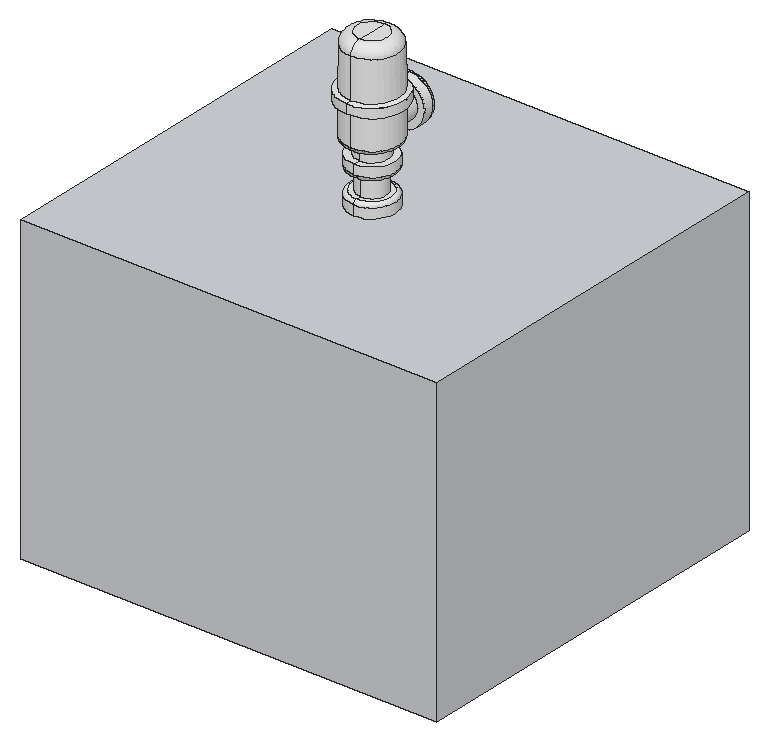
Revit family "POR_MultiSuite_D5862_BIM_NL", category Plumbing Fixtures, host Face, Revit 2016
Family settings
  Host = Face
  Part Type = Normal
  Round Connector Dimension = Use Diameter
  OmniClass Number = 23.45.55.21
  OmniClass Title = Drains (Wastes)
  Cut with Voids When Loaded = No
  Shared = Yes
  Room Calculation Point = No
Parameters (values of type "D5862AC - BEKERSIPHON   WIT")
  WorkingPressure = "? Bar"
  WaterEfficientProduct = no
  WarrantyStartDate [instance] = "1900-12-31T23:59:59"
  WarrantyGuarantorParts = "idealstandard.nl@idealstandard.com"
  WarrantyGuarantorLabor = "n/a"
  WarrantyDurationUnit = "jaar"
  WarrantyDurationParts = "1"
  WarrantyDurationLabor = "n/a"
  WarrantyDescription = "Fabrieksgarantie"
  WRAS = yes
  WFU = 0
  VolumeUnits = "liter"
  Version = "2"
  ValvePattern = "n/a"
  ValveOperation = "n/a"
  ValveMechanism = "n/a"
  Uniclass2015Version = "n/a"
  Uniclass2015Title = "n/a"
  Uniclass2015Code = "n/a"
  URL = "www.idealstandardnederland.nl"
  Type Comments = "n/a"
  TestPressure = "10 Bar"
  TagNumber [instance] = "n/a"
  TMV3 = yes
  SustainabilityPerformance = "n/a"
  SpareParts = "www.idealstandardnederland.nl"
  Space = "Internal"
  Size = "156 x 82 x 64 mm"
  Shape = "Gesculptuurd"
  SerialNumber [instance] = "n/a"
  Revision = "n/a"
  ReplacementCost = "n/a"
  Reference = "n/a"
  ProductInformation = "http://www.idealstandardnederland.nl/product/d5862ac"
  Phone = "31 (0) 77 355 08 08"
  NominalWidth = 63.877 mm
  NominalLength = 82.107 mm
  NominalHeight = 155.896 mm
  NettWeight = "0,05 KG"
  Name = "BEKERSIPHON   WIT"
  NBSTypeID = "n/a"
  NBSReference = "45-35-70/???"
  NBSOfficeMasterTag = "n/a"
  NBSNote = "n/a"
  NBSDescription = "n/a"
  NBSCertification = "n/a"
  ModelReference = Description  # "Bekersifon wit"
  ModelNumber = Model  # "D5862AC"
  Model = "D5862AC"
  Material = "Kunststof"
  ManufacturerURL = "www.idealstandardnederland.nl"
  Manufacturer = "idealstandard.nl@idealstandard.com"
  LinearUnits = "millimeters"
  InstallationInstructions = "http://www.idealstandardnederland.nl/product/d5862ac"
  InstallationDate [instance] = "1900-12-31T23:59:59"
  IfcExportType = "sifon"
  IfcExportAs = "n/a"
  Help = "idealstandard.nl@idealstandard.com"
  HWFU = 0
  GrossWeight = "n/a"
  Grade = "n/a"
  FlowRate = "?L/hr @ ?bar"
  FlowCoefficient = "n/a"
  Finish = "Chrome"
  Features = "Bekersifon wit"
  FaucetType = "n/a"
  FaucetTopDescription = "n/a"
  FaucetOperation = "n/a"
  FaucetFunction = "n/a"
  ExpectedLife = "25"
  ECA = no
  DurationUnit = "year"
  DistributedBy = "n/a"
  Description = "Bekersifon wit"
  Default Elevation = 800 mm
  CurrencyUnit = "n/a"
  CreatedOn = "2014-10-10"
  Cost = 0
  Constituents = "n/a"
  ConnectionType = "Sanitair"
  Color = "Wit"
  CodePerformance = "n/a"
  CloseOffRating = "n/a"
  Category = "n/a"
  CWFU = 0
  Brand = "Porcher"
  BarCode = "3391500312241"
  BREEAMApproved = no
  BIMObjectName = ""
  Author = "Ideal Standard Nederland BV"
  AssetType = "Fixed"
  AssetIdentifier [instance] = "n/a"
  Assembly Code = "C1030200"
  AreaUnits = "millimeters"
  AreaMeasurement = "n/a"
  Accessories = "www.idealstandardnederland.nl"
  AccessibilityPerformance = "n/a"
Reference planes
  plane 1 "Center (Front/Back)": y = 0
  plane 2: z = 0
  plane 3 "Center (Left/Right)": x = 0
  plane 4: z = 75.896
  plane 5: z = 155.896
  plane 6: y = -31.939
  plane 7: y = 50.169
  plane 8: x = 31.939
  plane 9: x = -31.939
Forms (mm)
  Extrusion 1, solid
    sketch origin (-2.122, -192.856, 0) x (1, 0, 0) y (0, 1, 0)
      loop
        line (-197.878, 392.856) -> (-197.878, 0.823) -> (220.32, 0.823) -> (220.32, 392.856) -> (-197.878, 392.856)
    from 0 to -304.8
  Revolve 2, solid, material "Polystyrene"
    sketch origin (0, 0, 0) x (0, 1, 0) y (0, 0, 1)
      loop
        line (0, 155.854) -> (-15.631, 155.854)
        arc (-15.631, 155.854) -> (-23.147, 152.78) -> (-26.355, 145.32) r 10.726
        line (-26.355, 145.32) -> (-27.065, 105.647) -> (-31.939, 104.327) -> (-31.939, 95.436) -> (-27.065, 95.436) -> (-27.065, 62.768)
        arc (-27.065, 62.768) -> (-26.228, 60.747) -> (-24.207, 59.909) r 2.858
        line (-24.207, 59.909) -> (-18.758, 59.909)
        arc (-18.758, 59.909) -> (-16.785, 59.092) -> (-15.968, 57.119) r 2.79
        line (-15.968, 57.119) -> (-15.968, 46.575) -> (-23.078, 46.575) -> (-23.078, 36.936)
        arc (-23.078, 36.936) -> (-22.005, 34.344) -> (-19.412, 33.27) r 3.666
        line (-19.412, 33.27) -> (-14.192, 33.27) -> (-14.192, 13.335) -> (-19.469, 13.335)
        arc (-19.469, 13.335) -> (-22.021, 12.278) -> (-23.078, 9.726) r 3.609
        line (-23.078, 9.726) -> (-23.078, 0) -> (-16, 0) -> (-16, 5) -> (0, 5) -> (0, 155.854)
      axis (0, 155.854) -> (0, 0)
    angle from 0 to 360
  Revolve 3, solid, material "Polystyrene"
    sketch origin (0, 0, 0) x (0, 1, 0) y (0, 0, 1)
      loop
        line (18.66, 59.909) -> (36.841, 59.909) -> (36.841, 52.798) -> (47.321, 52.798)
        arc (47.321, 52.798) -> (49.335, 53.632) -> (50.169, 55.645) r 2.847
        line (50.169, 55.645) -> (50.169, 59.896) -> (45.169, 59.896) -> (45.169, 75.896) -> (18.66, 75.896) -> (18.66, 59.909)
      axis (50.169, 75.896) -> (18.66, 75.896)
    angle from 0 to 360
Dimensions and locks
  "NominalHeight": plane 5 to level
  "NominalWidth": plane 9 to plane 8
  "NominalLength": plane 7 to plane 6
  aligned and locked: plane 2 to Extrusion 1
  aligned and locked: level to Extrusion 1
Automatic sketch dimensions
  Extrusion 1 sketch curve to Extrusion 1 sketch curve = 418.198 mm
  Extrusion 1 sketch curve to Extrusion 1 sketch curve = 392.033 mm
  Revolve 2 sketch curve to level = 0 mm
  Revolve 2 sketch curve to plane 1 "Center (Front/Back)" = 0 mm  (x2)
  plane 1 "Center (Front/Back)" to Revolve 2 sketch curve = 14.192 mm
  Revolve 2 sketch curve to plane 5 = 0.042 mm
  plane 1 "Center (Front/Back)" to Revolve 2 sketch curve = 15.631 mm
  plane 1 "Center (Front/Back)" to Revolve 2 sketch curve = 15.968 mm
  Revolve 2 sketch curve to Revolve 2 sketch curve = 1.808 mm
  Revolve 2 sketch curve to Revolve 2 sketch curve = 2.79 mm
  Revolve 2 sketch curve to Revolve 2 sketch curve = 5.221 mm
  Revolve 2 sketch curve to Revolve 2 sketch curve = 3.469 mm
  Revolve 2 sketch curve to Revolve 2 sketch curve = 7.078 mm
  Revolve 2 sketch curve to Revolve 2 sketch curve = 3.666 mm
  Revolve 2 sketch curve to Revolve 2 sketch curve = 5.449 mm
  Revolve 2 sketch curve to plane 5 = 10.576 mm
  Revolve 2 sketch curve to Revolve 2 sketch curve = 10.724 mm
  Revolve 2 sketch curve to Revolve 2 sketch curve = 2.858 mm
  Revolve 2 sketch curve to Revolve 2 sketch curve = 0 mm
  Revolve 2 sketch curve to Revolve 2 sketch curve = 4.874 mm
  Revolve 2 sketch curve to Revolve 2 sketch curve = 5 mm
  Revolve 2 sketch curve to Revolve 2 sketch curve = 4.726 mm
  Revolve 2 sketch curve to Revolve 2 sketch curve = 19.935 mm
  Revolve 2 sketch curve to Revolve 2 sketch curve = 9.638 mm
  Revolve 2 sketch curve to Revolve 2 sketch curve = 10.545 mm
  plane 4 to Revolve 2 sketch curve = 19.54 mm
  Revolve 2 sketch curve to Revolve 2 sketch curve = 8.891 mm
  Revolve 2 sketch curve to Revolve 2 sketch curve = 1.319 mm
  Revolve 2 sketch curve to level = 809.6 mm
  plane 5 to Revolve 2 sketch curve = 1987.91 mm
  Revolve 3 sketch curve to plane 4 = 0 mm  (x2)
  Revolve 3 sketch curve to plane 1 "Center (Front/Back)" = 18.66 mm
  Revolve 3 sketch curve to Revolve 3 sketch curve = 18.181 mm
  Revolve 3 sketch curve to Revolve 3 sketch curve = 8.328 mm  (x2)
  Revolve 3 sketch curve to Revolve 3 sketch curve = 2.153 mm
  Revolve 3 sketch curve to Revolve 3 sketch curve = 5 mm
  Revolve 3 sketch curve to plane 4 = 15.987 mm
  Revolve 3 sketch curve to Revolve 3 sketch curve = 0.013 mm
  Revolve 3 sketch curve to Revolve 3 sketch curve = 4.251 mm
  plane 1 "Center (Front/Back)" to Revolve 3 sketch curve = 60.215 mm
Connectors
  piping at (0, 45.169, 75.896), diameter 32
    settings: on Revolve 3, index 1, connector inside diameter 24", connector length 0 mm, flow factor 0, pipe flow 0 GPM, pressure drop 0.00 psi, fitting loss kfactor 0, connector angle 0.00°, fixture units 0, engagement length 0 mm, angle of deflection 0.00°, flow configuration 2, flow direction 2, fitting loss method 0, system type 16, joint type 0, gender type 0, connector reference index -1, connector utility 0, adjustable connector no, is connector primary yes, connector description ""
  piping at (0, 0, 5), diameter 32
    settings: on Revolve 2, index 2, connector inside diameter 24", connector length 0 mm, flow factor 0, pipe flow 0 GPM, pressure drop 0.00 psi, fitting loss kfactor 0, connector angle 0.00°, fixture units 0, engagement length 0 mm, angle of deflection 0.00°, flow configuration 2, flow direction 1, fitting loss method 0, system type 16, joint type 0, gender type 0, connector reference index -1, connector utility 0, adjustable connector no, is connector primary no, connector description ""
